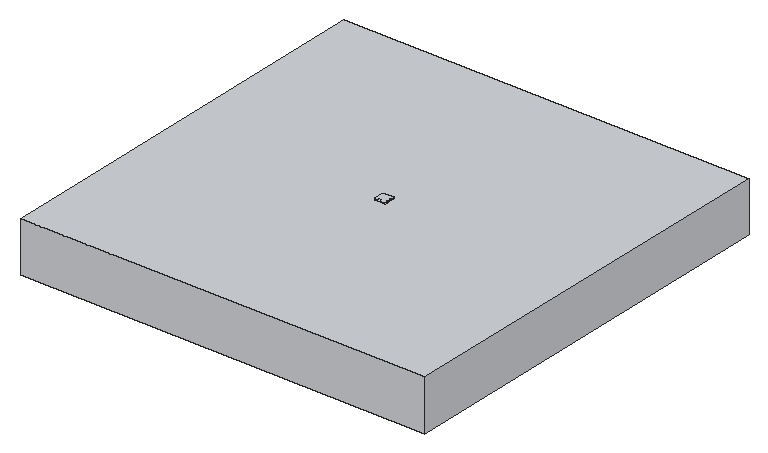
Revit family "Gira_018100", category Allgemeines Modell, Revit 2017
Family settings
  Basisbauteil = Fläche
  Kann Basisbauteil für Bewehrung sein = Nein
  Bemaßung runder Anschluss = Durchmesser verwenden
  Teiletyp = Normal
  Beim Laden mit Abzugskörper schneiden = Nein
  Gemeinsam genutzt = Nein
  Raumberechnungspunkt = Nein
Parameters
  With mounting plate = no
  With memory function = no
  With lighting = no
  With label area = no
  With glass breaking detector connection = no
  With dust cover = no
  With brightness sensor connection = no
  With N-busbar = no
  With LED indication = no
  With Astro program = no
  Wiring system = "Intermediate switch"
  Washing machine switch = no
  Default Elevation = 1219.2 mm
  URL = "https://www.gira.de/"
  Typname = "Bus coup.btn 1-g 1-point + status LED KNX insert"
  Type of load = "Universal"
  Type of lighting = "Not included"
  Type of fastening = "Mounting with claw and screw"
  Transparent = no
  Through loss at 860 MHz [B] = 0.1
  Through loss at 2150 MHz [B] = 0.1
  Temperature [Kelvin] = "[5:45]"
  Switch-off protection = no
  Surface protection = "Other"
  Surface finishing = "Not applicable"
  Suitable for wire wound low voltage transformer = yes
  Suitable for wind sensor = no
  Suitable for staircase time switch = no
  Suitable for rain sensor = no
  Suitable for fluorescent tube/energy-saving lamp = yes
  Suitable for electronic low voltage transformer = yes
  Suitable for degree of protection (IP) = "IP20"
  Suitable for 230 V incandescent lamp/halogen lamp = yes
  Substation input = yes
  Shielded housing = no
  Shielded buses = yes
  Serial dimmer = no
  Separate strain relief = yes
  Rated current = 10 A
  Random generator = no
  Push button switch = no
  Productwebsite = "http://katalog.gira.de/en/datenblatt.html?artikelnr=018100"
  Output voltage [Volt] = 5
  Other bus systems = "None"
  Operating voltage [Volt] = "[110:240]"
  Only suitable as substation = no
  Number of rockers = 1
  Number of outputs = 2
  Number of modules (module system) = 1
  Number of buttons = 2
  Nominal voltage [Volt] 3 = "[230:230]"
  Nominal voltage [Volt] 2 = "[230:230]"
  Nominal voltage [Volt] = 250
  Mounting method shielding connection = "None"
  Mounting method = "Flush mounted (plaster)"
  Model = "1-pole switch"
  Min. depth of built-in installation box [m] = 0.024
  Method of operation = "Rocker"
  Mechanical controllable = yes
  Mechanical coding = no
  Max. switching power [Voltampere] = 1000
  Max. output current = 1.4 A
  Material quality = "Other"
  Material = "Other"
  Light value memory = no
  Label space/information surface 7 = "No"
  Label space/information surface 6 = "No"
  Label space/information surface 5 = "No"
  Label space/information surface 4 = "No"
  Label space/information surface = no
  Integrated timer = no
  Input for substation = no
  Imprint = "None"
  Illumination = "Yes"
  Hersteller = "Gira"
  Halogen free = no
  HAN = "018100"
  GTIN = "4010337181002"
  Function lighting = "Illuminated (on)"
  Frequency [Hz] = "[50:60]"
  Forced switch off = no
  Feedback-signal contact = no
  Electronic controllable = no
  Electrical and mechanical locking = yes
  Dimming phase cut-on = yes
  Dimming phase cut-off = yes
  Degree of protection (IP) = "IP20"
  Data sheet = "https://katalog.gira.de/en/download.html?artikelnr=018100"
  Contacts = "1 change-over contact"
  Connection type = "Screw"
  Colour coding = no
  Colour = "Other"
  Category = "5"
  Bus system radio frequent = no
  Bus system Powernet = no
  Bus system LON = no
  Bus system KNX radio = no
  Bus system KNX = yes
  Bus connection included = yes
  Beschreibung = "Ins.b.cpl.btn 1g 1-pt LED KNX,Insert for KNX bus coupler button, 1-gang with single-point operation and status LED,,,The bus coupler button is the interface between the KNX system and the user.,,Features:,- The 1-gang rockers of the flush-mounted design lines can be inserted on the bus coupler button, 1-gang with single-point operation (slanted rocker).,- When using the status LED, please use rockers with control window.,- The switching (pressing) functions can be realised with the bus coupler button, 1-gang with single-point operation.,- LED display for: permanent-on or permanent-off or status.,,Notes :,- Suitable for claw mounting.,- Please use System 55 adapter frame and cover for Gira TX_44 design line, IP20.,- Integration in the Gira F100 design line is not possible.,- Integration in Gira F100 not possible."
  BIM = "https://media.stage.bim.site/public/gira/290f3eb/Einsatz_1fach.rfa"
  Assembly arrangement = "Basic element"
  Applicable with transmission button = no
  Applicable with time switch/timer = no
  Applicable with presence indicator = yes
  Applicable with movement sensor = yes
  Applicable with infrared button = no
  Applicable with button = yes
  App control via Bluetooth = no
Reference planes
  plane 1 "Center (Front/Back)": y = 0
  plane 2: z = 0
  plane 3 "Center (Left/Right)": x = 0
Forms (mm)
  Extrusion 1, solid
    sketch origin (0, 0, 0) x (1, 0, 0) y (0, 1, 0)
      loop
        line (-1219.2, 1219.2) -> (-1219.2, -1219.2) -> (1219.2, -1219.2) -> (1219.2, 1219.2) -> (-1219.2, 1219.2)
    from 0 to -304.8
  Extrusion 2, solid, detail levels fine
    sketch origin (0, 0, 0) x (1, 0, 0) y (0, 1, 0)
      loop
        line (27.475, 35.475) -> (-27.475, 35.475)
        arc (-27.475, 35.475) -> (-33.132, 33.132) -> (-35.475, 27.475) r 8
        line (-35.475, 27.475) -> (-35.475, -27.475)
        arc (-35.475, -27.475) -> (-33.132, -33.132) -> (-27.475, -35.475) r 8
        line (-27.475, -35.475) -> (27.475, -35.475)
        arc (27.475, -35.475) -> (33.132, -33.132) -> (35.475, -27.475) r 8
        line (35.475, -27.475) -> (35.475, 27.475)
        arc (35.475, 27.475) -> (33.132, 33.132) -> (27.475, 35.475) r 8
    from 0 to 1.8
  Extrusion 3, solid, detail levels fine
    sketch origin (0, 0, 0) x (1, 0, 0) y (0, 1, 0)
      loop
        line (9.678, 25.4) -> (-9.678, 25.4)
        arc (-9.678, 25.4) -> (-12.885, 24.922) -> (-15.814, 23.53) r 11
        arc (-15.814, 23.53) -> (-17.795, 22.07) -> (-19.641, 20.444) r 28.35
        arc (-19.641, 20.444) -> (-21.339, 18.665) -> (-22.876, 16.745) r 28.35
        arc (-22.876, 16.745) -> (-24.456, 13.666) -> (-25, 10.248) r 11
        line (-25, 10.248) -> (-25, -10.248)
        arc (-25, -10.248) -> (-24.456, -13.666) -> (-22.876, -16.745) r 11
        arc (-22.876, -16.745) -> (-20.409, -19.677) -> (-17.569, -22.25) r 28.35
        line (-17.569, -22.25) -> (17.569, -22.25)
        arc (17.569, -22.25) -> (20.409, -19.677) -> (22.876, -16.745) r 28.35
        arc (22.876, -16.745) -> (24.456, -13.666) -> (25, -10.248) r 11
        line (25, -10.248) -> (25, 10.248)
        arc (25, 10.248) -> (24.456, 13.666) -> (22.876, 16.745) r 11
        arc (22.876, 16.745) -> (21.593, 18.37) -> (20.195, 19.897) r 28.35
        arc (20.195, 19.897) -> (18.096, 21.823) -> (15.814, 23.53) r 28.35
        arc (15.814, 23.53) -> (12.885, 24.922) -> (9.678, 25.4) r 11
    from 0 to -22
  Extrusion 4, solid, detail levels medium
    sketch origin (0, 0, 0) x (1, 0, 0) y (0, 1, 0)
      loop
        line (-25, 25.4) -> (-25, -22.25) -> (25, -22.25) -> (25, 25.4) -> (-25, 25.4)
    from 0 to -22
  Extrusion 5, solid, detail levels coarse
    sketch origin (0, 0, 0) x (1, 0, 0) y (0, 1, 0)
      loop
        line (35.475, 35.475) -> (-35.475, 35.475) -> (-35.475, -35.475) -> (35.475, -35.475) -> (35.475, 35.475)
    from -22 to 1.8
  Extrusion 6, solid, detail levels medium
    sketch origin (0, 0, 0) x (1, 0, 0) y (0, 1, 0)
      loop
        line (35.475, 35.475) -> (-35.475, 35.475) -> (-35.475, -35.475) -> (35.475, -35.475) -> (35.475, 35.475)
    from 0 to 1.8
Dimensions and locks
  aligned and locked: plane 2 to Extrusion 1
  aligned and locked: level to Extrusion 1
Connectors
  electrical at (0, 0, -22)
    settings: on Extrusion 5, index 1, voltage 220 V, apparent load 0 VA, apparent load phase1 0 VA, apparent load phase2 0 VA, apparent load phase3 0 VA, power factor 1, load classification "Other", number of poles 1, system type 30, power factor state 1, is connector primary yes, connector utility no, sub classification motor no, connector description ""
